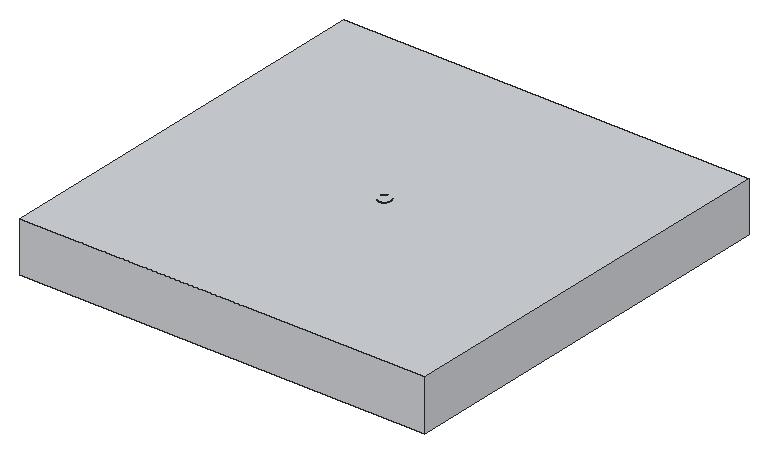
Revit family "M_Tomada de telefone - Piso", category Dispositivos de telefonia, Revit 2019
Family settings
  Hospedeiro = Face
  Manter orientação da anotação = Não
  Cota do conector redondo = Utilizar diâmetro
  Tipo de parte = Normal
  Número OmniClass = 23.85.50.14
  Título OmniClass = Telephone and Intercommunication Equipment
  ID de item do Seek = Telephone Outlet - Floor-0000-CAN-ENU
  Corte com vazios quando carregada = Não
  Compartilhado = Não
  Ponto de cálculo do ambiente = Não
Parameters (values of type "Padrão")
  Largura = 100 mm
  Altura = 75 mm
  Elevação-padrão = 1200 mm
Reference planes
  plane 1 "Centro (Frente/Trás)": y = -0.8
  plane 2: z = 0
  plane 3 "Centro (Esquerda/Direita)": x = 0.8
  plane 4: y = 49.2
  plane 5: x = 50.8
  plane 6: x = -49.2
  plane 7: y = -50.8
  plane 8: y = -38.1
  plane 9: z = -22.225
  plane 10: z = -75
Forms (mm)
  Extrusion 1, solid
    sketch origin (0, 0, 0) x (1, 0, 0) y (0, 1, 0)
      loop
        line (-1217.6, 1217.6) -> (-1217.6, -1219.2) -> (1219.2, -1219.2) -> (1219.2, 1217.6) -> (-1217.6, 1217.6)
    from 0 to -304.8
  Extrusion 2, solid
    sketch origin (0, 0, 0) x (1, 0, 0) y (0, 1, 0)
      loop
        circle (0.8, -0.8) r 38.1
    from 0 to -22.225
  Extrusion 3, solid
    sketch origin (0, 0, 0) x (1, 0, 0) y (0, 1, 0)
      loop
        line (-49.2, 49.2) -> (-49.2, -50.8) -> (50.8, -50.8) -> (50.8, 49.2) -> (-49.2, 49.2)
    from -22.225 to -75
Lines and regions (mm)
  symbolic lines, detail levels fine
    curve 1: line (50.8, 49.2, 0) -> (-49.2, 49.2, 0)
    curve 2: line (50.8, -50.8, 0) -> (50.8, 49.2, 0)
    curve 3: line (-49.2, 49.2, 0) -> (-49.2, -50.8, 0)
    curve 4: line (-49.2, -50.8, 0) -> (50.8, -50.8, 0)
    curve 5: arc (38.9, -0.8, 0) -> (0.8, 37.3, 0) -> (-37.3, -0.8, 0) r 38.1
    curve 6: arc (-37.3, -0.8, 0) -> (0.8, -38.9, 0) -> (38.9, -0.8, 0) r 38.1
    curve 7: arc (38.9, -0.8, 0) -> (0.8, 37.3, 0) -> (-37.3, -0.8, 0) r 38.1
    curve 8: arc (-37.3, -0.8, 0) -> (0.8, -38.9, 0) -> (38.9, -0.8, 0) r 38.1
Dimensions and locks
  equal spacing: plane 4, plane 1 "Centro (Frente/Trás)", plane 7
  "Largura": plane 4 to plane 7
  equal spacing: plane 6, plane 3 "Centro (Esquerda/Direita)", plane 5
  "Largura": plane 6 to plane 5
  locked: Extrusion 1 to plane 9 at 22.225
  "Altura": Extrusion 1 to plane 10
  radius of Extrusion 2 = 38.1 mm
  aligned and locked: plane 2 to Extrusion 1
  aligned and locked: level to Extrusion 1
  aligned and locked: plane 6 to Extrusion 3 sketch curve
  aligned and locked: Extrusion 3 sketch curve to plane 4
  aligned and locked: plane 7 to Extrusion 3 sketch curve
  aligned and locked: Extrusion 3 sketch curve to plane 5
  aligned and locked: Extrusion 3 to plane 10
  aligned and locked: plane 9 to Extrusion 2
  aligned and locked: curve 1 to Extrusion 3
  aligned and locked: curve 2 to Extrusion 3
  aligned and locked: curve 5 to Extrusion 2
  aligned and locked: curve 8 to Extrusion 2
Automatic sketch dimensions
  Extrusion 2 sketch curve to plane 1 "Centro (Frente/Trás)" = 0 mm
  Extrusion 2 sketch curve to plane 3 "Centro (Esquerda/Direita)" = 0 mm
  curve 1 to plane 6 = 0 mm
  curve 4 to plane 7 = 0 mm
  curve 2 to plane 4 = 0 mm
  Extrusion 1 sketch curve to Extrusion 1 sketch curve = 2436.8 mm  (x2)
  radius of Extrusion 2 sketch curve = 38.1 mm
Nested families
  nested 1: "M_Anotação do telefone de piso" at (0, 0, 0), type "M_Anotação do telefone de piso", detail levels coarse+medium
Connectors
  electrical at (50.8, -0.8, -48.613)
    settings: on Extrusion 3, index 1, voltage 0 V, apparent load 0 VA, apparent load phase1 0 VA, apparent load phase2 0 VA, apparent load phase3 0 VA, power factor 1, load classification "Outros", number of poles 1, system type 9, power factor state 1, is connector primary yes, connector utility no, sub classification motor no, connector description ""
Definition of nested family "M_Anotação do telefone de piso"
  Reference planes
    plane 1: y = 0
    plane 2: x = 0
  Lines and regions (mm)
    Filled region 1, type "Região preenchida 1"
      outline origin (0, 0, 0) x (1, 0, 0) y (0, 1, 0)
        loop
          line (-2.381, 1.588) -> (0, -1.588) -> (2.381, 1.587) -> (-2.381, 1.588)
    detail lines, not visible
      curve 1: line (30.147, 31.747, 0) -> (33.322, 31.747, 0)
      curve 2: line (31.735, 31.747, 0) -> (31.735, 35.343, 0)
      curve 3: line (0.141, 1.47, 0) -> (3.316, 1.47, 0)
      curve 4: line (1.728, 1.47, 0) -> (1.728, 2.341, 0)
      curve 5: line (5.766, 5.144, 0) -> (5.766, 0.381, 0)
      curve 6: line (5.766, 2.762, 0) -> (8.849, 2.762, 0)
      curve 7: line (1.469, 5.426, 0) -> (7.819, 5.426, 0)
      curve 8: line (4.644, 5.426, 0) -> (4.644, -1.381, 0)
    reference lines
      curve 9: line (-3.175, 5.426, 0) -> (-3.175, -4.661, 0)
      curve 10: line (3.175, 5.426, 0) -> (3.175, -6.14, 0)
      curve 11: line (5.766, 2.381, 0) -> (-4.147, 2.381, 0)
      curve 12: line (5.766, -2.381, 0) -> (-4.912, -2.381, 0)
      curve 21: line (-2.666, -1.587, 0) -> (2.713, -1.588, 0)
      curve 22: line (-2.666, 1.588, 0) -> (2.713, 1.587, 0)
      curve 25: line (-2.381, -5.442, 0) -> (-2.381, 3.95, 0)
      curve 26: line (2.381, -5.442, 0) -> (2.381, 3.69, 0)
    detail lines
      curve 13: line (-3.175, 2.381, 0) -> (3.175, 2.381, 0)
      curve 14: line (-3.175, -2.381, 0) -> (-3.175, 2.381, 0)
      curve 15: line (3.175, -2.381, 0) -> (-3.175, -2.381, 0)
      curve 16: line (3.175, 2.381, 0) -> (3.175, -2.381, 0)
      curve 27: line (-2.381, 1.588, 0) -> (2.381, 1.587, 0)
      curve 28: line (2.381, 1.587, 0) -> (0, -1.587, 0)
      curve 29: line (0, -1.587, 0) -> (-2.381, 1.588, 0)
    reference lines, not visible
      curve 17: line (-11.422, -5.912, 0) -> (-11.422, -9.087, 0)
      curve 18: line (-11.422, -7.499, 0) -> (-7.367, -7.499, 0)
      curve 19: line (-14.886, 3.982, 0) -> (-11.711, 3.982, 0)
      curve 20: line (-13.298, 3.982, 0) -> (-13.298, 1.588, 0)
      curve 23: line (-12.705, -5.442, 0) -> (-7.942, -5.442, 0)
      curve 24: line (-10.324, -5.442, 0) -> (-10.324, -9.258, 0)
  Dimensions and locks
    locked: curve 11 to curve 12 at 4.763
    locked: curve 9 to curve 10 at 6.35
    locked: curve 21 to curve 22 at 3.175
    locked: curve 25 to curve 26 at 4.763
    equal spacing: curve 28, plane 2, curve 29, locked at 36.8699° each
    aligned and locked: curve 9 to curve 13
    aligned and locked: curve 12 to curve 16
    aligned and locked: curve 10 to curve 16
    aligned and locked: curve 22 to curve 27
    aligned and locked: Filled region 1 sketch curve to curve 27
    aligned and locked: Filled region 1 sketch curve to curve 29
    aligned and locked: Filled region 1 sketch curve to curve 28
